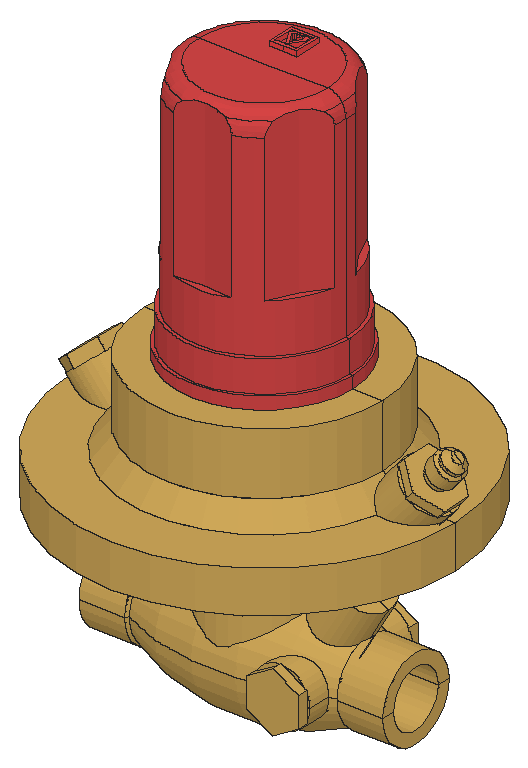
Revit family "Differenzdruckregler 4007_FIX_WE", category Rohrzubehör, Revit 2018 (continued)
Definition of nested family "Handrad für Diff.Druckregler 4007"
  Definition of nested family "Herz-Logo"
    Forms (mm)
      Extrusion 1, solid
        sketch origin (0, 0, 0) x (1, 0, 0) y (0, 1, 0)
          loop
            arc (1.885, 2.079) -> (1.265, 2.416) -> (0.644, 2.079) r 0.74
            line (0.644, 2.079) -> (-0.018, 0.97) -> (-0.679, 2.079)
            arc (-0.679, 2.079) -> (-1.3, 2.416) -> (-1.921, 2.079) r 0.74
            arc (-1.921, 2.079) -> (-2.04, 1.675) -> (-1.921, 1.272) r 0.74
            line (-1.921, 1.272) -> (-0.018, -1.658) -> (1.885, 1.272)
        from 0 to 1.5
    Dimensions and locks
      aligned and locked: level to plane 2
Definition of nested family "Herz-Logo-vorne"
  Reference planes
    plane 1 "Mitte (Vorne/hinten)": y = 0
    plane 2: z = 0
    plane 3 "Mitte (Links/rechts)": x = 0
  Forms (mm)
    Extrusion 1, solid
      sketch origin (0.732, -0.018, 0.017) x (0, -1, 0) y (0, 0, 1)
        loop
          line (-0.018, -4.517) -> (4.482, -4.517) -> (4.482, 4.483) -> (-4.518, 4.483) -> (-4.518, -4.517) -> (-0.018, -4.517)
        loop
          line (-0.05, -3.48) -> (3.482, -3.48) -> (3.482, 3.483) -> (-3.518, 3.483) -> (-3.518, -3.48) -> (-0.05, -3.48)
        loop
          arc (-0.018, 2.383) -> (-1.543, 3.287) -> (-3.067, 2.383) r 1.738
          arc (-3.067, 2.383) -> (-3.191, 1.899) -> (-3.067, 1.415) r 1.009
          line (-3.067, 1.415) -> (-0.018, -3.281) -> (3.032, 1.415)
          arc (3.032, 1.415) -> (3.156, 1.899) -> (3.032, 2.383) r 1.009
          arc (3.032, 2.383) -> (1.507, 3.287) -> (-0.018, 2.383) r 1.738
        loop
          arc (1.885, 1.272) -> (2.005, 1.675) -> (1.885, 2.079) r 0.74
          arc (1.885, 2.079) -> (1.265, 2.416) -> (0.644, 2.079) r 0.74
          line (0.644, 2.079) -> (-0.018, 0.97) -> (-0.679, 2.079)
          arc (-0.679, 2.079) -> (-1.3, 2.416) -> (-1.921, 2.079) r 0.74
          arc (-1.921, 2.079) -> (-2.04, 1.675) -> (-1.921, 1.272) r 0.74
          line (-1.921, 1.272) -> (-0.018, -1.658) -> (1.885, 1.272)
      from 0 to 1.5
  Dimensions and locks
    aligned and locked: level to plane 2
